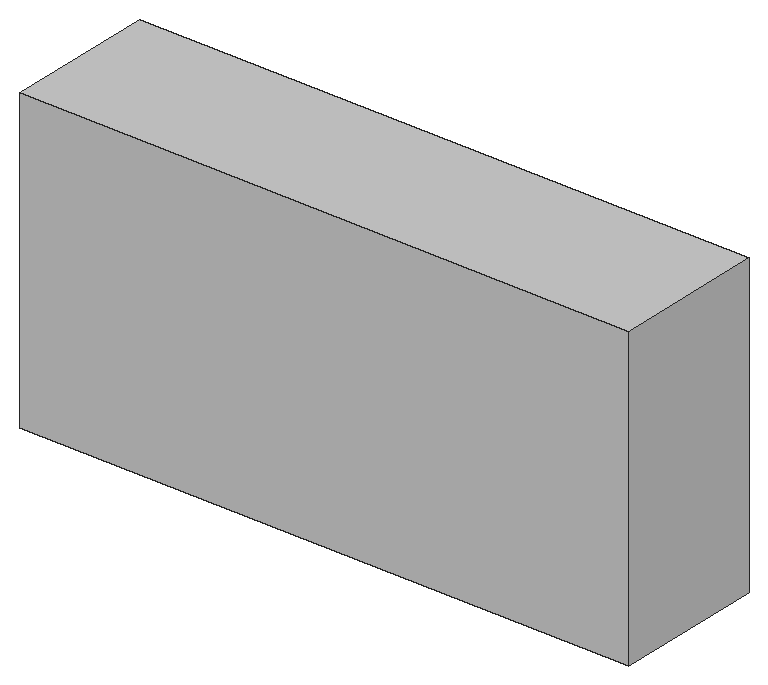
Revit family "M_Concrete-Rectangular Beam", category Structural Framing, Revit 2017
Family settings
  Display in Hidden Views = Edges Hidden by Other Members
  Structural Framing Length Roundoff = 0 mm
  Section Shape = Not Defined
  Material for Model Behavior = Concrete
  Always export as geometry = No
  OmniClass Number = 23.25.30.11.14.14
  OmniClass Title = Beams
  Always vertical = Yes
  Cut with Voids When Loaded = No
  Symbolic Representation = From Family
  Shared = No
  Show family pre-cut in plan views = Yes
Parameters (values of type "300 x 600mm")
  Width = b  # 300 mm
  Structural Material [instance] = Concrete, Cast-in-Place gray
  Height = h  # 600 mm
  Assembly Code = ""
  Length [instance] = 1524 mm
  b = 300 mm
  h = 600 mm
Types (2, lengths in mm): name | Width | Height | b | h
  400 x 800mm | 400 | 800 | 400 | 800
  300 x 600mm | 300 | 600 | 300 | 600
Reference planes
  plane 1 "Center (Front/Back)": y = 0
  plane 2: z = 0
  plane 3 "Center (Left/Right)": x = 4.61
  plane 4 "Member Left": x = -604.99
  plane 5 "Member Right": x = 614.21
  plane 6: y = 150
  plane 7: y = -150
  plane 8: z = 300
  plane 9 "Bottom": z = -300
  plane 10 "Left": x = -757.39
  plane 11 "Right": x = 766.61
  plane 12: y = 110
Forms (mm)
  Sweep 1, solid, material "Concrete, Cast-in-Place gray" <- "Structural Material"
    path origin (0, 0, 0) x (1, 0, 0) y (0, 1, 0)
      loop
        line (614.21, 0) -> (-604.99, 0)
    profile "M_Rectangular Beam-Profile : M_Rectangular Beam-Profile" origin (4.61, 0, 0) x (0, -1, 0) y (0, 0, 1)
      loop
        line (-150, -300) -> (150, -300) -> (150, 300) -> (-150, 300) -> (-150, -300)
Lines and regions (mm)
  model lines
    curve 1: line (4.61, 110, 0) -> (144.61, 110, 0)
    curve 2: line (144.61, 110, 0) -> (144.61, 210, 0)
    curve 3: line (144.61, 210, 0) -> (270.797, 29.787, 0)
    curve 4: line (4.61, -50.427, 0) -> (144.61, -50.427, 0)
    curve 5: line (144.61, -50.427, 0) -> (144.61, -150.427, 0)
    curve 6: line (144.61, -150.427, 0) -> (270.797, 29.787, 0)
    curve 7: line (4.61, 110, 0) -> (4.61, -50.427, 0)
Dimensions and locks
  "b": plane 6 to plane 7
  equal spacing: plane 9 "Bottom", plane 2, plane 8
  equal spacing: plane 6, plane 1 "Center (Front/Back)", plane 7
  "h": plane 9 "Bottom" to plane 8
  "Length": plane 10 "Left" to plane 11 "Right"
  locked: plane 7 to plane 12 at 260
  locked: curve 4 to plane 12 at 160.427
  locked: curve 6 to plane 3 "Center (Left/Right)" at 266.187
  locked: curve 2 to plane 3 "Center (Left/Right)" at 140
  locked: curve 5 to plane 3 "Center (Left/Right)" at 140
  locked: plane 12 to curve 3 at 100
  locked: curve 6 to plane 12 at 260.427
  aligned and locked: Sweep 1 sketch curve to plane 1 "Center (Front/Back)"
  aligned and locked: plane 4 "Member Left" to Sweep 1 sketch curve
  aligned and locked: plane 5 "Member Right" to Sweep 1 sketch curve
  aligned and locked: plane 12 to curve 1
  aligned and locked: curve 7 to plane 3 "Center (Left/Right)"
Automatic sketch dimensions
  plane 12 to curve 6 = 80.213 mm
